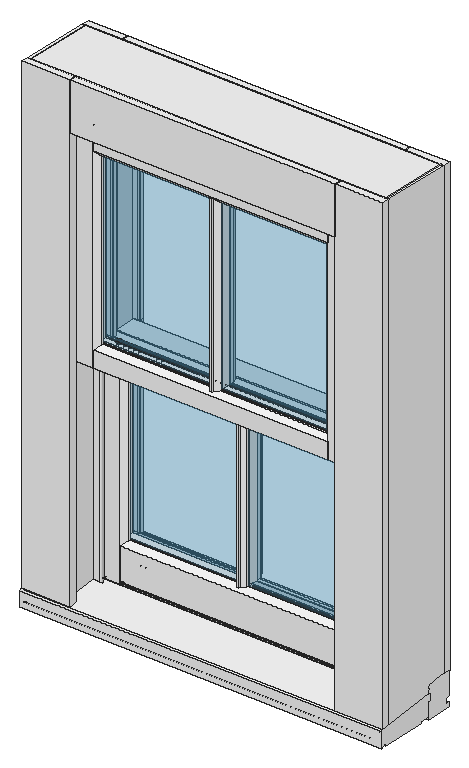
Revit family "B1-22V", category Generic Models, Revit 2012 (continued)
Automatic sketch dimensions
  Extrusion 54 sketch curve to Extrusion 54 sketch curve = 2.435 mm
  Extrusion 54 sketch curve to Extrusion 54 sketch curve = 0.536 mm
  Extrusion 54 sketch curve to Extrusion 54 sketch curve = 0.979 mm
  Extrusion 54 sketch curve to Extrusion 54 sketch curve = 0.786 mm  (x2)
  Extrusion 54 sketch curve to Extrusion 54 sketch curve = 1.303 mm
  Extrusion 54 sketch curve to Extrusion 54 sketch curve = 0.911 mm  (x2)
  Extrusion 54 sketch curve to Extrusion 54 sketch curve = 4 mm
  Extrusion 55 sketch curve to plane 4 = 0 mm
  Extrusion 55 sketch curve to plane 6 = 0 mm
  Extrusion 55 sketch curve to plane 12 = 0 mm
  Extrusion 55 sketch curve to plane 15 = 0 mm  (x2)
  plane 1 "Center (Front/Back)" to Extrusion 55 sketch curve = 8.25 mm
  Extrusion 55 sketch curve to Extrusion 55 sketch curve = 1.712 mm
  Extrusion 55 sketch curve to Extrusion 55 sketch curve = 0 mm  (x8)
  plane 1 "Center (Front/Back)" to Extrusion 55 sketch curve = 6.25 mm  (x2)
  Extrusion 55 sketch curve to Extrusion 55 sketch curve = 0.836 mm
  Extrusion 55 sketch curve to Extrusion 55 sketch curve = 0.634 mm
  Extrusion 55 sketch curve to Extrusion 55 sketch curve = 0.996 mm  (x6)
  Extrusion 55 sketch curve to Extrusion 55 sketch curve = 0.819 mm
  Extrusion 55 sketch curve to Extrusion 55 sketch curve = 0.456 mm
  plane 1 "Center (Front/Back)" to Extrusion 55 sketch curve = 1.25 mm  (x3)
  plane 15 to Extrusion 55 sketch curve = 7 mm
  Extrusion 55 sketch curve to plane 1 "Center (Front/Back)" = 61.75 mm
  Extrusion 55 sketch curve to Extrusion 55 sketch curve = 4 mm
  plane 12 to Extrusion 55 sketch curve = 4 mm
  plane 12 to Extrusion 55 sketch curve = 5 mm
  Extrusion 55 sketch curve to Extrusion 55 sketch curve = 2.25 mm
  Extrusion 55 sketch curve to Extrusion 55 sketch curve = 0.254 mm
  Extrusion 55 sketch curve to Extrusion 55 sketch curve = 0.508 mm  (x3)
  Extrusion 55 sketch curve to plane 13 = 2 mm
  plane 15 to Extrusion 55 sketch curve = 9 mm
  Extrusion 55 sketch curve to Extrusion 55 sketch curve = 8 mm
  Extrusion 55 sketch curve to plane 4 = 6 mm
  plane 7 to Extrusion 56 sketch curve = 0 mm
  plane 5 to Extrusion 56 sketch curve = 0.079 mm
  Extrusion 56 sketch curve to plane 8 = 48.921 mm
  plane 7 to Extrusion 56 sketch curve = 15 mm
  Extrusion 57 sketch curve to plane 6 = 0 mm
  plane 5 to Extrusion 57 sketch curve = 0.079 mm
  plane 1 "Center (Front/Back)" to Extrusion 57 sketch curve = 6.25 mm
  Extrusion 57 sketch curve to plane 8 = 30.921 mm
  Extrusion 58 sketch curve to plane 4 = 0 mm
  Extrusion 58 sketch curve to plane 16 = 0 mm
  plane 1 "Center (Front/Back)" to Extrusion 58 sketch curve = 6.25 mm
  Extrusion 58 sketch curve to plane 16 = 4.175 mm
  plane 7 to Extrusion 58 sketch curve = 54.25 mm
  plane 7 to Extrusion 58 sketch curve = 20.25 mm
  plane 7 to Extrusion 58 sketch curve = 15 mm
  Extrusion 58 sketch curve to Extrusion 58 sketch curve = 4.913 mm  (x2)
  Extrusion 58 sketch curve to Extrusion 58 sketch curve = 3 mm
  plane 14 to Extrusion 58 sketch curve = 2.138 mm
  Extrusion 59 sketch curve to plane 4 = 0 mm
  plane 1 "Center (Front/Back)" to Extrusion 59 sketch curve = 6.25 mm
  Extrusion 59 sketch curve to plane 4 = 6 mm
  plane 7 to Extrusion 59 sketch curve = 15 mm
  Sweep 60 sketch curve to plane 16 = 0 mm
  Sweep 60 sketch curve to plane 12 = 0 mm
  plane 19 to Sweep 60 sketch curve = 0 mm
  Sweep 60 sketch curve to plane 8 = 48.921 mm
  profile plane to Sweep 60 sketch curve = 0 mm
  Sweep 60 sketch curve to Sweep 60 sketch curve = 3 mm
  Sweep 60 sketch curve to Sweep 60 sketch curve = 6 mm
  Sweep 60 sketch curve to profile plane = 176.75 mm
  Sweep 60 sketch curve to Sweep 60 sketch curve = 14 mm
  Extrusion 61 sketch curve to plane 15 = 0 mm
  Extrusion 61 sketch curve to plane 4 = 0 mm
  Extrusion 61 sketch curve to plane 7 = 0 mm
  plane 7 to Extrusion 61 sketch curve = 15 mm  (x2)
  Extrusion 61 sketch curve to Extrusion 61 sketch curve = 5 mm  (x2)
  plane 15 to Extrusion 61 sketch curve = 9 mm
  Extrusion 61 sketch curve to Extrusion 61 sketch curve = 8 mm
  Extrusion 61 sketch curve to plane 4 = 6 mm
  plane 7 to Extrusion 62 sketch curve = 20 mm
  plane 5 to Extrusion 62 sketch curve = 56.079 mm
  Extrusion 62 sketch curve to Extrusion 62 sketch curve = 9 mm  (x3)
  plane 1 "Center (Front/Back)" to Extrusion 62 sketch curve = 1.25 mm  (x2)
  Extrusion 62 sketch curve to Extrusion 62 sketch curve = 8 mm  (x2)
  plane 1 "Center (Front/Back)" to Extrusion 62 sketch curve = 6.25 mm
  Extrusion 62 sketch curve to Extrusion 62 sketch curve = 0 mm
  Extrusion 62 sketch curve to Extrusion 62 sketch curve = 5 mm
  Extrusion 63 sketch curve to plane 8 = 4.922 mm
  plane 8 to Extrusion 63 sketch curve = 0.078 mm
  plane 8 to Extrusion 63 sketch curve = 7.078 mm
  Extrusion 63 sketch curve to Extrusion 63 sketch curve = 1 mm  (x2)
  Extrusion 63 sketch curve to Extrusion 63 sketch curve = 3 mm  (x3)
  plane 7 to Extrusion 63 sketch curve = 43.25 mm
  Extrusion 63 sketch curve to Extrusion 63 sketch curve = 4 mm
  Extrusion 64 sketch curve to plane 8 = 44.922 mm
  Extrusion 64 sketch curve to Extrusion 64 sketch curve = 0 mm  (x2)
  Extrusion 64 sketch curve to Extrusion 64 sketch curve = 3 mm  (x3)
  Extrusion 64 sketch curve to Extrusion 64 sketch curve = 6 mm  (x2)
  Extrusion 64 sketch curve to plane 8 = 4.922 mm
  Extrusion 64 sketch curve to plane 1 "Center (Front/Back)" = 71.5 mm
  Extrusion 64 sketch curve to Extrusion 64 sketch curve = 5 mm
  Extrusion 64 sketch curve to Extrusion 64 sketch curve = 13 mm
  Extrusion 64 sketch curve to Extrusion 64 sketch curve = 12 mm
  Extrusion 64 sketch curve to Extrusion 64 sketch curve = 21 mm
  plane 17 to Extrusion 65 sketch curve = 7.079 mm
  plane 17 to Extrusion 65 sketch curve = 8.579 mm  (x2)
  plane 17 to Extrusion 65 sketch curve = 31.079 mm  (x2)
  Extrusion 65 sketch curve to plane 24 = 28.421 mm  (x2)
  Extrusion 65 sketch curve to plane 1 "Center (Front/Back)" = 7.75 mm
  Extrusion 65 sketch curve to Extrusion 65 sketch curve = 1.5 mm
  Extrusion 65 sketch curve to plane 24 = 6.921 mm
  plane 24 to Extrusion 65 sketch curve = 0.079 mm
  Extrusion 65 sketch curve to Extrusion 65 sketch curve = 14 mm
  Extrusion 65 sketch curve to plane 1 "Center (Front/Back)" = 30.25 mm
  Extrusion 65 sketch curve to Extrusion 65 sketch curve = 22.5 mm  (x2)
  Extrusion 65 sketch curve to Extrusion 65 sketch curve = 9 mm
  Extrusion 65 sketch curve to Extrusion 65 sketch curve = 11.5 mm  (x2)
  Extrusion 65 sketch curve to Extrusion 65 sketch curve = 4 mm
  Extrusion 65 sketch curve to Extrusion 65 sketch curve = 3 mm
  plane 7 to Extrusion 65 sketch curve = 29 mm
  plane 17 to Extrusion 66 sketch curve = 34.062 mm  (x2)
  Extrusion 66 sketch curve to plane 24 = 2.938 mm  (x4)
  plane 24 to Extrusion 66 sketch curve = 0.062 mm  (x2)
  plane 7 to Extrusion 66 sketch curve = 37.812 mm
  Extrusion 66 sketch curve to Extrusion 66 sketch curve = 6.5 mm  (x3)
  Extrusion 66 sketch curve to Extrusion 66 sketch curve = 16 mm  (x2)
  Extrusion 66 sketch curve to Extrusion 66 sketch curve = 42 mm
  Extrusion 66 sketch curve to plane 1 "Center (Front/Back)" = 37.437 mm
  plane 24 to Extrusion 67 sketch curve = 4.078 mm  (x2)
  Extrusion 67 sketch curve to Extrusion 67 sketch curve = 0 mm
  Extrusion 67 sketch curve to Extrusion 67 sketch curve = 3 mm  (x3)
  Extrusion 67 sketch curve to Extrusion 67 sketch curve = 6 mm  (x2)
  plane 19 to Extrusion 67 sketch curve = 4.922 mm
  Extrusion 67 sketch curve to plane 19 = 1.078 mm
  Extrusion 67 sketch curve to plane 19 = 11.078 mm
  plane 7 to Extrusion 67 sketch curve = 21.25 mm
  Extrusion 67 sketch curve to Extrusion 67 sketch curve = 21 mm
  Extrusion 67 sketch curve to Extrusion 67 sketch curve = 12 mm  (x2)
  Extrusion 67 sketch curve to Extrusion 67 sketch curve = 13 mm
  Extrusion 67 sketch curve to Extrusion 67 sketch curve = 2 mm
  Extrusion 67 sketch curve to Extrusion 67 sketch curve = 5 mm
  plane 19 to Extrusion 68 sketch curve = 4.922 mm
  Extrusion 68 sketch curve to plane 19 = 0.078 mm
  Extrusion 68 sketch curve to plane 19 = 7.078 mm
  Extrusion 68 sketch curve to Extrusion 68 sketch curve = 1 mm  (x2)
  Extrusion 68 sketch curve to Extrusion 68 sketch curve = 3 mm  (x2)
  plane 7 to Extrusion 68 sketch curve = 24.25 mm
  Extrusion 68 sketch curve to Extrusion 68 sketch curve = 4 mm
  Extrusion 68 sketch curve to Extrusion 68 sketch curve = 8 mm
  plane 24 to Extrusion 69 sketch curve = 4.079 mm  (x2)
  Extrusion 69 sketch curve to Extrusion 69 sketch curve = 0 mm
  plane 1 "Center (Front/Back)" to Extrusion 69 sketch curve = 0 mm
  Extrusion 69 sketch curve to Extrusion 69 sketch curve = 3 mm  (x4)
  Extrusion 69 sketch curve to Extrusion 69 sketch curve = 6 mm
  plane 19 to Extrusion 69 sketch curve = 4.921 mm
  Extrusion 69 sketch curve to plane 19 = 1.079 mm
  Extrusion 69 sketch curve to plane 19 = 11.079 mm
  Extrusion 69 sketch curve to plane 1 "Center (Front/Back)" = 10 mm
  Extrusion 69 sketch curve to Extrusion 69 sketch curve = 2 mm
  Extrusion 69 sketch curve to Extrusion 69 sketch curve = 21 mm
  Extrusion 69 sketch curve to Extrusion 69 sketch curve = 12 mm
  Extrusion 69 sketch curve to Extrusion 69 sketch curve = 13 mm
  Extrusion 69 sketch curve to Extrusion 69 sketch curve = 5 mm
  plane 19 to Extrusion 70 sketch curve = 4.921 mm
  Extrusion 70 sketch curve to plane 19 = 0.079 mm
  Extrusion 70 sketch curve to plane 19 = 7.079 mm
  Extrusion 70 sketch curve to Extrusion 70 sketch curve = 1 mm  (x2)
  Extrusion 70 sketch curve to Extrusion 70 sketch curve = 3 mm  (x2)
  Extrusion 70 sketch curve to plane 1 "Center (Front/Back)" = 57 mm
  Extrusion 70 sketch curve to Extrusion 70 sketch curve = 4 mm
  Extrusion 70 sketch curve to Extrusion 70 sketch curve = 8 mm
  Extrusion 71 sketch curve to plane 24 = 2.01 mm
  Extrusion 71 sketch curve to Extrusion 71 sketch curve = 0.361 mm
  Extrusion 71 sketch curve to Extrusion 71 sketch curve = 0.331 mm  (x3)
  Extrusion 71 sketch curve to Extrusion 71 sketch curve = 0.529 mm
  plane 24 to Extrusion 71 sketch curve = 1.893 mm
  Extrusion 71 sketch curve to Extrusion 71 sketch curve = 0.359 mm
  Extrusion 71 sketch curve to Extrusion 71 sketch curve = 0.129 mm  (x2)
  Extrusion 71 sketch curve to Extrusion 71 sketch curve = 0.752 mm
  Extrusion 71 sketch curve to Extrusion 71 sketch curve = 0.163 mm
  plane 24 to Extrusion 71 sketch curve = 3.228 mm
  Extrusion 71 sketch curve to Extrusion 71 sketch curve = 0.097 mm
  Extrusion 71 sketch curve to Extrusion 71 sketch curve = 0.227 mm
  Extrusion 71 sketch curve to Extrusion 71 sketch curve = 0.367 mm
  Extrusion 71 sketch curve to Extrusion 71 sketch curve = 0.604 mm
  Extrusion 71 sketch curve to Extrusion 71 sketch curve = 0.911 mm
  Extrusion 71 sketch curve to Extrusion 71 sketch curve = 0.79 mm  (x2)
  Extrusion 71 sketch curve to Extrusion 71 sketch curve = 1.387 mm
  Extrusion 71 sketch curve to Extrusion 71 sketch curve = 0.62 mm
  Extrusion 71 sketch curve to Extrusion 71 sketch curve = 0.185 mm
  Extrusion 71 sketch curve to Extrusion 71 sketch curve = 0.733 mm
  plane 7 to Extrusion 71 sketch curve = 64.201 mm
  Extrusion 71 sketch curve to Extrusion 71 sketch curve = 0.044 mm
  Extrusion 71 sketch curve to Extrusion 71 sketch curve = 0.155 mm
  Extrusion 71 sketch curve to Extrusion 71 sketch curve = 1.178 mm
  Extrusion 71 sketch curve to Extrusion 71 sketch curve = 0.18 mm
  Extrusion 71 sketch curve to Extrusion 71 sketch curve = 0.545 mm
  Extrusion 71 sketch curve to Extrusion 71 sketch curve = 0.126 mm
  Extrusion 71 sketch curve to Extrusion 71 sketch curve = 3.329 mm
  Extrusion 71 sketch curve to Extrusion 71 sketch curve = 0.782 mm
  Extrusion 71 sketch curve to Extrusion 71 sketch curve = 0.443 mm
  Extrusion 71 sketch curve to Extrusion 71 sketch curve = 0.342 mm
  Extrusion 71 sketch curve to Extrusion 71 sketch curve = 0.534 mm
  Extrusion 71 sketch curve to Extrusion 71 sketch curve = 0.024 mm
  Extrusion 71 sketch curve to Extrusion 71 sketch curve = 1.649 mm
  Extrusion 71 sketch curve to Extrusion 71 sketch curve = 0.066 mm
  Extrusion 72 sketch curve to plane 24 = 2.01 mm
  Extrusion 72 sketch curve to Extrusion 72 sketch curve = 0.402 mm
  Extrusion 72 sketch curve to Extrusion 72 sketch curve = 0.389 mm
  plane 24 to Extrusion 72 sketch curve = 2.251 mm
  Extrusion 72 sketch curve to Extrusion 72 sketch curve = 0.129 mm  (x2)
  Extrusion 72 sketch curve to Extrusion 72 sketch curve = 0.752 mm
  Extrusion 72 sketch curve to Extrusion 72 sketch curve = 0.163 mm
  plane 24 to Extrusion 72 sketch curve = 3.228 mm
  Extrusion 72 sketch curve to Extrusion 72 sketch curve = 0.092 mm
  Extrusion 72 sketch curve to Extrusion 72 sketch curve = 0.227 mm
  Extrusion 72 sketch curve to Extrusion 72 sketch curve = 0.4 mm
  Extrusion 72 sketch curve to Extrusion 72 sketch curve = 0.019 mm
  Extrusion 72 sketch curve to Extrusion 72 sketch curve = 0.794 mm
  Extrusion 72 sketch curve to Extrusion 72 sketch curve = 0.616 mm
  Extrusion 72 sketch curve to Extrusion 72 sketch curve = 0.767 mm
  Extrusion 72 sketch curve to Extrusion 72 sketch curve = 0.79 mm
  Extrusion 72 sketch curve to Extrusion 72 sketch curve = 0.784 mm
  Extrusion 72 sketch curve to Extrusion 72 sketch curve = 0.331 mm  (x2)
  Extrusion 72 sketch curve to plane 1 "Center (Front/Back)" = 52.39 mm
  Extrusion 72 sketch curve to Extrusion 72 sketch curve = 1.707 mm
  Extrusion 72 sketch curve to Extrusion 72 sketch curve = 0.222 mm
  Extrusion 72 sketch curve to Extrusion 72 sketch curve = 0.555 mm
  Extrusion 72 sketch curve to Extrusion 72 sketch curve = 0.865 mm
  Extrusion 72 sketch curve to Extrusion 72 sketch curve = 0.036 mm
  Extrusion 72 sketch curve to Extrusion 72 sketch curve = 0.731 mm
  Extrusion 72 sketch curve to Extrusion 72 sketch curve = 0.077 mm
  Extrusion 72 sketch curve to Extrusion 72 sketch curve = 0.522 mm
  Extrusion 72 sketch curve to Extrusion 72 sketch curve = 0.368 mm
  Extrusion 72 sketch curve to Extrusion 72 sketch curve = 0.552 mm
  Extrusion 72 sketch curve to Extrusion 72 sketch curve = 0.735 mm
  Extrusion 72 sketch curve to Extrusion 72 sketch curve = 0.072 mm
  Extrusion 72 sketch curve to Extrusion 72 sketch curve = 0.083 mm
  plane 24 to Extrusion 73 sketch curve = 5.061 mm
  Extrusion 73 sketch curve to Extrusion 73 sketch curve = 5.328 mm
  plane 7 to Extrusion 73 sketch curve = 16.974 mm
  Extrusion 73 sketch curve to Extrusion 73 sketch curve = 1.303 mm
  plane 24 to Extrusion 74 sketch curve = 5.024 mm
  Extrusion 74 sketch curve to Extrusion 74 sketch curve = 2.083 mm
  Extrusion 74 sketch curve to Extrusion 74 sketch curve = 1.235 mm
  Extrusion 74 sketch curve to Extrusion 74 sketch curve = 2.363 mm
  plane 7 to Extrusion 74 sketch curve = 18.277 mm
  Extrusion 74 sketch curve to Extrusion 74 sketch curve = 4.662 mm
  plane 1 "Center (Front/Back)" to Extrusion 75 sketch curve = 2.034 mm
  plane 24 to Extrusion 75 sketch curve = 6.772 mm
  Extrusion 75 sketch curve to Extrusion 75 sketch curve = 1.26 mm
  Extrusion 75 sketch curve to Extrusion 75 sketch curve = 3.11 mm
  Extrusion 75 sketch curve to Extrusion 75 sketch curve = 0.958 mm
  Extrusion 75 sketch curve to Extrusion 75 sketch curve = 1.305 mm
  Extrusion 76 sketch curve to plane 1 "Center (Front/Back)" = 2.628 mm
  plane 24 to Extrusion 76 sketch curve = 6.886 mm
  plane 1 "Center (Front/Back)" to Extrusion 76 sketch curve = 2.034 mm
  Extrusion 76 sketch curve to Extrusion 76 sketch curve = 2.083 mm
  Extrusion 76 sketch curve to Extrusion 76 sketch curve = 1.235 mm
  Extrusion 76 sketch curve to Extrusion 76 sketch curve = 2.363 mm
  plane 1 "Center (Front/Back)" to Extrusion 77 sketch curve = 1.25 mm  (x2)
  plane 24 to Extrusion 77 sketch curve = 6.079 mm
  Extrusion 77 sketch curve to Extrusion 77 sketch curve = 0.693 mm
  Extrusion 77 sketch curve to Extrusion 77 sketch curve = 0.8 mm  (x2)
  Extrusion 77 sketch curve to Extrusion 77 sketch curve = 1.557 mm
  Extrusion 77 sketch curve to Extrusion 77 sketch curve = 2.435 mm
  Extrusion 77 sketch curve to Extrusion 77 sketch curve = 0.536 mm
  Extrusion 77 sketch curve to Extrusion 77 sketch curve = 0.979 mm
  Extrusion 77 sketch curve to Extrusion 77 sketch curve = 0.786 mm  (x2)
  Extrusion 77 sketch curve to Extrusion 77 sketch curve = 1.303 mm
  Extrusion 77 sketch curve to Extrusion 77 sketch curve = 0.911 mm  (x2)
  Extrusion 77 sketch curve to Extrusion 77 sketch curve = 4 mm
  plane 7 to Extrusion 78 sketch curve = 0 mm
  plane 17 to Extrusion 78 sketch curve = 0.079 mm
  plane 24 to Extrusion 78 sketch curve = 0.079 mm
  plane 7 to Extrusion 78 sketch curve = 15 mm
  plane 6 to Extrusion 79 sketch curve = 0 mm
  plane 17 to Extrusion 79 sketch curve = 0.079 mm
  plane 1 "Center (Front/Back)" to Extrusion 79 sketch curve = 6.25 mm
  plane 24 to Extrusion 79 sketch curve = 18.079 mm
  Extrusion 80 sketch curve to plane 4 = 0 mm
  Extrusion 80 sketch curve to plane 16 = 0 mm
  plane 1 "Center (Front/Back)" to Extrusion 80 sketch curve = 6.25 mm
  Extrusion 80 sketch curve to plane 16 = 4.175 mm
  plane 7 to Extrusion 80 sketch curve = 54.25 mm
  plane 7 to Extrusion 80 sketch curve = 20.25 mm
  plane 7 to Extrusion 80 sketch curve = 15 mm
  Extrusion 80 sketch curve to Extrusion 80 sketch curve = 4.913 mm  (x2)
  Extrusion 80 sketch curve to Extrusion 80 sketch curve = 3 mm
  plane 14 to Extrusion 80 sketch curve = 2.138 mm
  Extrusion 81 sketch curve to plane 24 = 25.921 mm
  Extrusion 81 sketch curve to Extrusion 81 sketch curve = 9 mm  (x2)
  plane 1 "Center (Front/Back)" to Extrusion 81 sketch curve = 1.25 mm  (x2)
  Extrusion 81 sketch curve to Extrusion 81 sketch curve = 8 mm  (x2)
  plane 24 to Extrusion 81 sketch curve = 0.079 mm
  plane 7 to Extrusion 81 sketch curve = 20 mm
  Extrusion 81 sketch curve to Extrusion 81 sketch curve = 0 mm
  Extrusion 81 sketch curve to Extrusion 81 sketch curve = 5 mm  (x2)
  plane 19 to Extrusion 82 sketch curve = 4.922 mm
  Extrusion 82 sketch curve to plane 19 = 0.078 mm
  Extrusion 82 sketch curve to plane 19 = 7.078 mm
  Extrusion 82 sketch curve to Extrusion 82 sketch curve = 1 mm  (x2)
  Extrusion 82 sketch curve to Extrusion 82 sketch curve = 3 mm  (x2)
  plane 7 to Extrusion 82 sketch curve = 24.25 mm
  Extrusion 82 sketch curve to Extrusion 82 sketch curve = 4 mm
  Extrusion 82 sketch curve to Extrusion 82 sketch curve = 8 mm
  plane 24 to Extrusion 83 sketch curve = 4.078 mm  (x3)
  Extrusion 83 sketch curve to Extrusion 83 sketch curve = 3 mm  (x3)
  Extrusion 83 sketch curve to Extrusion 83 sketch curve = 6 mm  (x2)
  plane 19 to Extrusion 83 sketch curve = 4.922 mm
  plane 7 to Extrusion 83 sketch curve = 21.25 mm
  Extrusion 83 sketch curve to Extrusion 83 sketch curve = 21 mm
  Extrusion 83 sketch curve to Extrusion 83 sketch curve = 12 mm
  Extrusion 83 sketch curve to Extrusion 83 sketch curve = 13 mm
  Extrusion 83 sketch curve to Extrusion 83 sketch curve = 5 mm
  plane 18 to Extrusion 87 sketch curve = 10.028 mm
  Extrusion 87 sketch curve to plane 18 = 9.972 mm
  plane 7 to Extrusion 87 sketch curve = 63.75 mm
  Extrusion 87 sketch curve to Extrusion 87 sketch curve = 16 mm
  Extrusion 1 sketch curve to plane 1 "Center (Front/Back)" = 0 mm
  Extrusion 1 sketch curve to plane 10 = 0 mm
  Extrusion 1 sketch curve to plane 11 = 0 mm  (x2)
  Extrusion 1 sketch curve to plane 1 "Center (Front/Back)" = 10 mm
  Extrusion 1 sketch curve to plane 1 "Center (Front/Back)" = 12 mm
  Extrusion 1 sketch curve to plane 10 = 2 mm
  Extrusion 1 sketch curve to Extrusion 1 sketch curve = 6 mm  (x2)
  Extrusion 1 sketch curve to Extrusion 1 sketch curve = 30.175 mm
  Extrusion 1 sketch curve to Extrusion 1 sketch curve = 16 mm  (x2)
  Extrusion 1 sketch curve to Extrusion 1 sketch curve = 20 mm
  Extrusion 1 sketch curve to plane 10 = 18.423 mm
  Extrusion 1 sketch curve to Extrusion 1 sketch curve = 1.736 mm
  Extrusion 1 sketch curve to Extrusion 1 sketch curve = 0.016 mm  (x2)
  Extrusion 1 sketch curve to plane 10 = 16.509 mm
  Extrusion 1 sketch curve to Extrusion 1 sketch curve = 1.236 mm
  Extrusion 1 sketch curve to Extrusion 1 sketch curve = 0.062 mm
  Extrusion 1 sketch curve to Extrusion 1 sketch curve = 1.386 mm
  Extrusion 1 sketch curve to plane 10 = 18.54 mm
  Extrusion 1 sketch curve to Extrusion 1 sketch curve = 1.998 mm
  Extrusion 1 sketch curve to plane 10 = 14.571 mm
  Extrusion 1 sketch curve to Extrusion 1 sketch curve = 1.139 mm
  Extrusion 1 sketch curve to plane 10 = 17.415 mm
  Extrusion 1 sketch curve to Extrusion 1 sketch curve = 2.074 mm
  Extrusion 1 sketch curve to Extrusion 1 sketch curve = 0.61 mm
  Extrusion 1 sketch curve to Extrusion 1 sketch curve = 0.826 mm
  plane 11 to Extrusion 1 sketch curve = 2 mm
  Extrusion 1 sketch curve to Extrusion 1 sketch curve = 29 mm
  Extrusion 1 sketch curve to Extrusion 1 sketch curve = 4 mm  (x4)
  plane 11 to Extrusion 1 sketch curve = 4 mm
  Extrusion 1 sketch curve to Extrusion 1 sketch curve = 3 mm  (x2)
  Extrusion 1 sketch curve to Extrusion 1 sketch curve = 1 mm  (x2)
  Extrusion 1 sketch curve to Extrusion 1 sketch curve = 8 mm
  plane 11 to Extrusion 1 sketch curve = 3 mm
  Extrusion 1 sketch curve to Extrusion 1 sketch curve = 10 mm
  Extrusion 1 sketch curve to Extrusion 1 sketch curve = 2.491 mm
  Extrusion 1 sketch curve to Extrusion 1 sketch curve = 0.807 mm
  Extrusion 1 sketch curve to Extrusion 1 sketch curve = 0.423 mm
  Extrusion 1 sketch curve to Extrusion 1 sketch curve = 0.167 mm
  Extrusion 1 sketch curve to plane 10 = 10 mm
  Extrusion 2 sketch curve to plane 10 = 0 mm  (x2)
  Extrusion 2 sketch curve to plane 11 = 0 mm  (x2)
  Extrusion 2 sketch curve to plane 10 = 16 mm
  Extrusion 2 sketch curve to plane 1 "Center (Front/Back)" = 38 mm
  Extrusion 2 sketch curve to plane 10 = 4 mm
  Extrusion 2 sketch curve to Extrusion 2 sketch curve = 3 mm
  Extrusion 2 sketch curve to Extrusion 2 sketch curve = 1 mm
  Extrusion 2 sketch curve to Extrusion 2 sketch curve = 18 mm
  Extrusion 2 sketch curve to Extrusion 2 sketch curve = 0 mm
  Extrusion 2 sketch curve to plane 10 = 5 mm
  Extrusion 2 sketch curve to Extrusion 2 sketch curve = 4 mm  (x2)
  Extrusion 2 sketch curve to Extrusion 2 sketch curve = 4.461 mm
  plane 11 to Extrusion 2 sketch curve = 15 mm
  Extrusion 2 sketch curve to Extrusion 2 sketch curve = 0.539 mm
  Extrusion 2 sketch curve to Extrusion 2 sketch curve = 0.801 mm
  Extrusion 2 sketch curve to Extrusion 2 sketch curve = 0.576 mm
  Extrusion 2 sketch curve to plane 10 = 15 mm
  Extrusion 2 sketch curve to Extrusion 2 sketch curve = 6 mm
  Extrusion 2 sketch curve to Extrusion 2 sketch curve = 7 mm
  Extrusion 2 sketch curve to Extrusion 2 sketch curve = 2.55 mm
  plane 11 to Extrusion 2 sketch curve = 18.821 mm
  Extrusion 2 sketch curve to Extrusion 2 sketch curve = 2.026 mm
  plane 11 to Extrusion 2 sketch curve = 14.853 mm
  Extrusion 2 sketch curve to Extrusion 2 sketch curve = 0.416 mm
  Extrusion 2 sketch curve to Extrusion 2 sketch curve = 1.105 mm
  plane 11 to Extrusion 2 sketch curve = 16.873 mm
  Extrusion 2 sketch curve to Extrusion 2 sketch curve = 1.978 mm
  plane 11 to Extrusion 2 sketch curve = 12.899 mm
  Extrusion 2 sketch curve to Extrusion 2 sketch curve = 1.391 mm
  Extrusion 2 sketch curve to Extrusion 2 sketch curve = 5 mm
  Extrusion 2 sketch curve to Extrusion 2 sketch curve = 4.362 mm
  Extrusion 2 sketch curve to Extrusion 2 sketch curve = 0.026 mm
  plane 11 to Extrusion 2 sketch curve = 17.014 mm
  Extrusion 2 sketch curve to Extrusion 2 sketch curve = 1.858 mm
  Extrusion 2 sketch curve to Extrusion 2 sketch curve = 12 mm
  Extrusion 2 sketch curve to Extrusion 2 sketch curve = 26.5 mm
  plane 11 to Extrusion 2 sketch curve = 5 mm
  Extrusion 2 sketch curve to Extrusion 2 sketch curve = 0.743 mm
  Extrusion 2 sketch curve to Extrusion 2 sketch curve = 0.873 mm
  plane 11 to Extrusion 2 sketch curve = 16 mm
  Extrusion 2 sketch curve to Extrusion 2 sketch curve = 1.161 mm
  Extrusion 2 sketch curve to Extrusion 2 sketch curve = 0.618 mm
  Extrusion 2 sketch curve to Extrusion 2 sketch curve = 2.583 mm
  radius of Extrusion 37 sketch curve = 3.5 mm  (x2)
  radius of Extrusion 65 sketch curve = 3.5 mm  (x2)
Types (3, lengths in mm): name | Width | Height | GlazingPanelMaterial | Floor Material
  Window Sill drawing | 757 | 1024 | Glass | White
  Access Manager | 1250 | 1250 | none | none
  window family | 757 | 1024 | Glass | 1.12A ANCHOR FIXING
